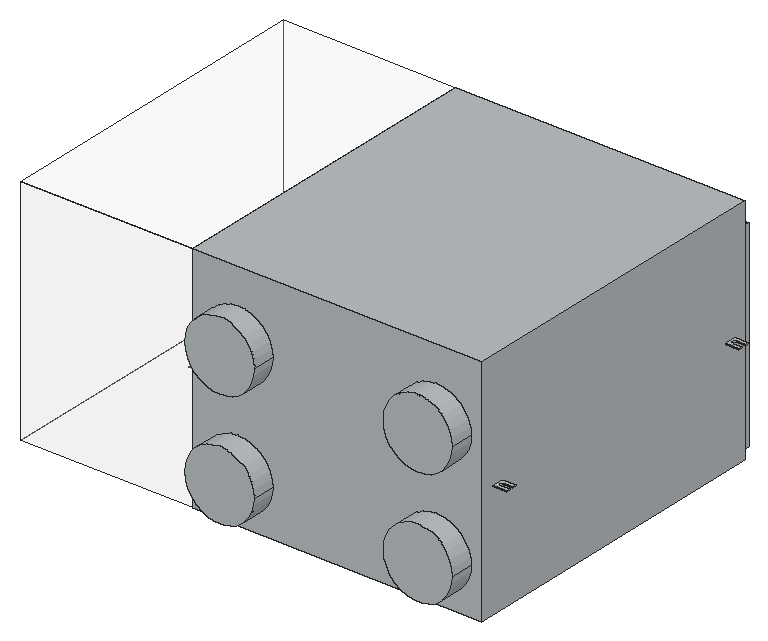
Revit family "lgh-n150_200rx4d_60Hz", category 機械設備, Revit 2019
Family settings
  丸型コネクタ寸法 = 直径を使用
  パーツ タイプ = 標準
  OmniClass 番号 = 23.75.10.34.21
  OmniClass タイトル = Heat Exchangers for Ventilation Air
  作業面ベース = いいえ
  常に垂直 = はい
  ロード時にボイドで切り取り = いいえ
  共有 = いいえ
  部屋計算ポイント = はい
Parameters (values of type "LGH-N150RX4D")
  騒音レベル(dB(A)) = 55
  風量 = 1500.0 m³/h
  面風速 = 8.5 m/s
  電源種別 [instance] = "一般"
  電圧 = 200 V
  電動機出力 = 0 W
  集中コントローラ = ""
  運転質量 = 0.00 kg
  連動 [instance] = ""
  質量 = if(製品質量 > 運転質量, 製品質量, 運転質量) * 1.2  # 144.00 kg
  負荷分類 = 3_ファン類
  説明 = "業務用ロスナイ 天井埋込形"
  設計風量 = 0.0 m³/h
  設置方法 = "天井吊(隠ぺい)形"
  記号 [instance] = ""
  製造元 = "MITSIBISHI ELECTRIC"
  製品質量 = 120.00 kg
  製品出荷対象 = "国内"
  製品リリース年月 = "2023/5/15"
  製品グループ = ""
  系統 [instance] = ""
  符号 = "HEU"
  積算_科目 = "1 空気調和設備"
  積算_拾い区分 [instance] = ""
  相 = 1
  盤記号 [instance] = ""
  発停方法 [instance] = ""
  特殊仕様 [instance] = ""
  点検口高さ = -Height  # -808 mm
  点検口離隔 = 150 mm
  点検口_Depth = 450 mm
  点検口 = yes
  火災停止 [instance] = ""
  温度交換効率 = 74.00%
  消費電力 = 1070 W
  法定耐用年数 = "15"
  機外静圧_排気 = 270.0 Pa
  機外静圧 = 270.0 Pa
  極数 = 3
  材質 [instance] = ""
  本体マテリアル = 溶融亜鉛めっき鋼板
  操作・制御方式 = ""
  操作・制御スイッチ = ""
  排気量 = 0.0 m³/h
  形式 = "天井埋込ダクト形"
  幹線記号 [instance] = ""
  対象室 [instance] = ""
  実風量 = 0.0 m³/h
  始動方式 [instance] = "直入"
  天吊金具_径 = 15 mm
  天吊金具_幅 = 30 mm
  外気量 = 設計風量  # 0.0 m³/h
  呼称 = "全熱交換ユニット"
  周波数 = 60 Hz
  天吊金具ピッチ2 = 1010 mm
  天吊金具ピッチ1 = 1045 mm
  天吊金具_高さ = 404 mm
  参照している仕様書等のバージョン = ""
  初期抵抗 = 0.0 Pa
  分類コード = "50052504100070"
  分類グループ = ""
  価格 = 1065000
  企業コード = "108420"
  付属品_フィルター_還気 = ""
  付属品_フィルター = ""
  付属品 [instance] = ""
  仕様書バージョン = "Version1.0"
  モデル = "LGH-N150RX4D"
  メンテナンススペース = yes
  ダクト高 = 700 mm
  ダクト径 = 250 mm
  ダクト幅 = 270 mm
  コメント [instance] = ""
  Keynote = ""
  エンタルピ交換効率_暖房 = 76.00%
  エンタルピ交換効率_冷房 = 66.00%
  Assembly Code = ""
  Width = 1004 mm
  Version = ""
  Uniclass2015Version = "Systems v1.9"
  Uniclass2015Title = "Thermal wheels"
  Uniclass2015Code = "Pr_60_60_36_88"
  URL = "https://www.mitsubishielectric.co.jp/ldg/wink/qr/002/324468/"
  SpecificationReference = ""
  SpecificationDescription = ""
  SMAX風量 = 1500.0 m³/h
  SMAX静圧 = 270.0 Pa
  SAサイズ_D = 242 mm
  Revision = ""
  RAサイズ_D = 242 mm
  ProductInformation = ""
  OmniClassCode = "23-27 23 19 11"
  OAサイズ_W = 270 mm
  OAサイズ_D = 700 mm
  MIN風量 = 680.0 m³/h
  MIN静圧 = 48.0 Pa
  MID風量 = 1130.0 m³/h
  MID静圧 = 133.0 Pa
  MAX風量 = 1500.0 m³/h
  MAX静圧 = 235.0 Pa
  IfcTypeProduct = ""
  IfcProduct = ""
  IfcExportType = "ROTARYWHEEL"
  IfcExportAs = "IfcAirToAirHeatRecoveryType"
  Height = 808 mm
  EAサイズ_W = 270 mm
  EAサイズ_D = 700 mm
  Duct_Pitch = 690 mm
  Duct_Height = 242 mm
  Duct_Depth_SA_RA = 79 mm
  Duct_Depth_OA_EA = 44 mm
  Depth = 1144 mm
  Clearance Top = 0 mm
  Clearance Left = 600 mm
  Clearance Bottom = 0 mm
  Box_Width = 115 mm
  Box_Height = 262 mm
  Box_H = 125 mm
  Box_Depth = 172 mm
  Box_D = 144 mm
  Author = "MITSUBISHI ELECTRIC"
Types (2, lengths in mm): name | 騒音レベル(dB(A)) | 風量 | 面風速 | 質量 | 製品質量 | 温度交換効率 | 消費電力 | 機外静圧_排気 | 機外静圧 | 天吊金具ピッチ1 | 価格 | モデル | エンタルピ交換効率_暖房 | エンタルピ交換効率_冷房 | Width | URL | SMAX風量 | SMAX静圧 | MIN風量 | MIN静圧 | MID風量 | MID静圧 | MAX風量 | MAX静圧 | Duct_Pitch
  LGH-N150RX4D | 55 | 1500.0 m³/h | 8.5 m/s | 144.00 kg | 120.00 kg | 74.00% | 1070 W | 270.0 Pa | 270.0 Pa | 1045 | 1065000 | "LGH-N150RX4D" | 76.00% | 66.00% | 1004 | "https://www.mitsubishielectric.co.jp/ldg/wink/qr/002/324468/" | 1500.0 m³/h | 270.0 Pa | 680.0 m³/h | 48.0 Pa | 1130.0 m³/h | 133.0 Pa | 1500.0 m³/h | 235.0 Pa | 690
  LGH-N200RX4D | 55.5 | 2000.0 m³/h | 11.3 m/s | 158.40 kg | 132.00 kg | 73.00% | 1390 W | 205.0 Pa | 205.0 Pa | 1272 | 1210000 | "LGH-N200RX4D" | 75.00% | 65.00% | 1231 | "https://www.mitsubishielectric.co.jp/ldg/wink/qr/002/324471/" | 2000.0 m³/h | 205.0 Pa | 730.0 m³/h | 17.0 Pa | 1360.0 m³/h | 58.0 Pa | 2000.0 m³/h | 125.0 Pa | 917
Reference planes
  plane 1 "中心(正面/背面)": y = 0
  plane 2: z = 0
  plane 3 "中心(左/右)": x = 0
  plane 4: x = -502
  plane 5: x = 502
  plane 6: y = 572
  plane 7: y = -572
  plane 8: z = -808
  plane 9: z = -242
  plane 10: x = -345
  plane 11: x = 345
  plane 12: y = -651
  plane 13: y = 616
  plane 14: x = -581
  plane 15: x = 581
  plane 16: x = -1102
  plane 17: y = -428
  plane 18: y = -256
  plane 19: z = -125
  plane 20: z = -387
  plane 21: x = -617
  plane 22: x = -652
  plane 23: y = 225
  plane 24: x = -522.5
  plane 25: x = 522.5
  plane 26: y = 505
  plane 27: y = -505
  plane 28: y = -225
  plane 29: x = -552.5
  plane 30: y = 525
  plane 31: y = 485
  plane 32: y = -485
  plane 33: y = -525
  plane 34: z = -5
  plane 35: z = -404
  plane 36: z = -407
  plane 37: x = 552.5
  plane 38: z = -404
  plane 39: x = 480
  plane 40: x = 210
  plane 41: x = -480
  plane 42: x = -210
  plane 43: z = -94
  plane 44: z = -794
  plane 45: z = -94
  plane 46: z = -794
  plane 47: z = -646
  plane 48: z = -529
  plane 49: z = -791
  plane 50: z = -444
  plane 51: z = 0
  plane 52: z = -808
Forms (mm)
  Extrusion 1, solid, material "溶融亜鉛めっき鋼板" <- "本体マテリアル", detail levels fine
    sketch origin (0, 0, 0) x (1, 0, 0) y (0, 1, 0)
      loop
        line (-502, 572) -> (-502, -572) -> (502, -572) -> (502, 572) -> (-502, 572)
    from 0 to -808
  Extrusion 2, solid, material "溶融亜鉛めっき鋼板" <- "本体マテリアル", detail levels fine
    sketch origin (502, -572, 0) x (-1, 0, 0) y (0, 0, -1)
      loop
        circle (847, 242) r 121
    from 0 to 79
  Extrusion 3, solid, material "溶融亜鉛めっき鋼板" <- "本体マテリアル", detail levels fine
    sketch origin (510, -445, 0) x (-1, 0, 0) y (0, 0, -1)
      loop
        circle (165, 242) r 121
    from 127 to 206
  Extrusion 4, solid, material "溶融亜鉛めっき鋼板" <- "本体マテリアル", detail levels fine
    sketch origin (-502, -572, 0) x (0, 1, 0) y (0, 0, -1)
      loop
        line (316, 125) -> (316, 387) -> (144, 387) -> (144, 125) -> (316, 125)
      loop
        line (316, 529) -> (316, 791) -> (144, 791) -> (144, 529) -> (316, 529)
    from 0 to 115
  Extrusion 5, solid, material "溶融亜鉛めっき鋼板" <- "本体マテリアル", detail levels fine
    sketch origin (0, 0, 0) x (1, 0, 0) y (0, 1, 0)
      loop
        line (-552.5, 525) -> (-552.5, 512.5) -> (-522.5, 512.5)
        arc (-522.5, 512.5) -> (-515, 505) -> (-522.5, 497.5) r 7.5
        line (-522.5, 497.5) -> (-552.5, 497.5) -> (-552.5, 485) -> (-502, 485) -> (-502, 525) -> (-552.5, 525)
    from -404 to -407
  Extrusion 6, solid, material "溶融亜鉛めっき鋼板" <- "本体マテリアル", detail levels fine
    sketch origin (0, 0, 0) x (1, 0, 0) y (0, 1, 0)
      loop
        line (-552.5, -525) -> (-502, -525) -> (-502, -485) -> (-552.5, -485) -> (-552.5, -497.5) -> (-522.5, -497.5)
        arc (-522.5, -497.5) -> (-515, -505) -> (-522.5, -512.5) r 7.5
        line (-522.5, -512.5) -> (-552.5, -512.5) -> (-552.5, -525)
    from -404 to -407
  Extrusion 7, solid, material "溶融亜鉛めっき鋼板" <- "本体マテリアル", detail levels fine
    sketch origin (0, 0, 0) x (-1, 0, 0) y (0, -1, 0)
      loop
        line (-552.5, 525) -> (-552.5, 512.5) -> (-522.5, 512.5)
        arc (-522.5, 512.5) -> (-515, 505) -> (-522.5, 497.5) r 7.5
        line (-522.5, 497.5) -> (-552.5, 497.5) -> (-552.5, 485) -> (-502, 485) -> (-502, 525) -> (-552.5, 525)
    from -404 to -407
  Extrusion 8, solid, material "溶融亜鉛めっき鋼板" <- "本体マテリアル", detail levels fine
    sketch origin (0, 0, 0) x (-1, 0, 0) y (0, -1, 0)
      loop
        line (-552.5, -525) -> (-502, -525) -> (-502, -485) -> (-552.5, -485) -> (-552.5, -497.5) -> (-522.5, -497.5)
        arc (-522.5, -497.5) -> (-515, -505) -> (-522.5, -512.5) r 7.5
        line (-522.5, -512.5) -> (-552.5, -512.5) -> (-552.5, -525)
    from -404 to -407
  Extrusion 9, solid, material "溶融亜鉛めっき鋼板" <- "本体マテリアル", detail levels fine
    sketch origin (0, 0, 0) x (1, 0, 0) y (0, 0, 1)
      loop
        circle (-345, -646) r 121
    from 572 to 651
  Extrusion 10, solid, material "溶融亜鉛めっき鋼板" <- "本体マテリアル", detail levels fine
    sketch origin (0, 0, 0) x (1, 0, 0) y (0, 0, 1)
      loop
        circle (345, -646) r 121
    from 572 to 651
  Extrusion 11, solid, material "溶融亜鉛めっき鋼板" <- "本体マテリアル", detail levels fine
    sketch origin (0, 0, 0) x (1, 0, 0) y (0, 0, 1)
      loop
        line (480, -794) -> (480, -94) -> (210, -94) -> (210, -794) -> (480, -794)
    from -616 to -572
  Extrusion 12, solid, material "溶融亜鉛めっき鋼板" <- "本体マテリアル", detail levels fine
    sketch origin (0, 0, 0) x (1, 0, 0) y (0, 0, 1)
      loop
        line (-480, -794) -> (-210, -794) -> (-210, -94) -> (-480, -94) -> (-480, -794)
    from -616 to -572
Lines and regions (mm)
  Masking region 1, detail levels coarse+medium
    outline origin (1326.5, 29, 0) x (1, 0, 0) y (0, 1, 0)
      loop
        line (-1828.5, 543) -> (-1828.5, -601) -> (-824.5, -601) -> (-824.5, 543) -> (-1828.5, 543)
  symbolic lines, detail levels coarse+medium
    curve 1: line (0, 572, 0) -> (-502, 0, 0)
    curve 2: line (-502, 0, 0) -> (0, -572, 0)
    curve 3: line (0, -572, 0) -> (502, 0, 0)
    curve 4: line (502, 0, 0) -> (0, 572, 0)
Dimensions and locks
  equal spacing: plane 4, plane 3 "中心(左/右)", plane 5
  "Width": plane 4 to plane 5
  equal spacing: plane 6, plane 1 "中心(正面/背面)", plane 7
  "Depth": plane 6 to plane 7
  "Height": level to plane 8
  "Duct_Height": level to plane 9
  equal spacing: plane 11, plane 3 "中心(左/右)", plane 10
  "Duct_Pitch": plane 11 to plane 10
  "Duct_Depth_OA_EA": plane 13 to plane 6
  "Duct_Depth_SA_RA": plane 7 to plane 12
  "Duct_Depth_SA_RA": plane 5 to plane 15
  "Duct_Depth_SA_RA": plane 14 to plane 4
  "Clearance Left": plane 16 to plane 4
  "Box_H": level to plane 19
  "Box_Height": plane 19 to plane 20
  "Box_D": plane 17 to plane 7
  "Box_Depth": plane 18 to plane 17
  "Box_Width": plane 21 to plane 4
  "点検口離隔": plane 22 to plane 4
  equal spacing: plane 24, plane 3 "中心(左/右)", plane 25
  "天吊金具ピッチ1": plane 24 to plane 25
  equal spacing: plane 26, plane 1 "中心(正面/背面)", plane 27
  "天吊金具ピッチ2": plane 26 to plane 27
  equal spacing: plane 23, plane 1 "中心(正面/背面)", plane 28
  "点検口_Depth": plane 23 to plane 28
  equal spacing: plane 30, plane 26, plane 31
  locked: plane 30 to plane 31 at 40
  "天吊金具_幅": plane 29 to plane 24
  "天吊金具_高さ": level to plane 35
  locked: plane 35 to plane 36 at 3
  equal spacing: plane 32, plane 27, plane 33
  locked: plane 32 to plane 33 at 40
  "天吊金具_幅": plane 25 to plane 37
  equal spacing: plane 8, plane 38, level
  equal spacing: plane 40, plane 11, plane 39
  "EAサイズ_W": plane 40 to plane 39
  equal spacing: plane 42, plane 10, plane 41
  "OAサイズ_W": plane 42 to plane 41
  "EAサイズ_D": plane 44 to plane 43
  "OAサイズ_D": plane 46 to plane 45
  "Duct_Height": plane 38 to plane 47
  "Box_H": plane 38 to plane 48
  "Box_Height": plane 48 to plane 49
  locked: plane 50 to plane 38 at 40
  equal spacing: plane 44, plane 50, plane 43
  equal spacing: plane 46, plane 50, plane 45
  "Clearance Top": plane 51 to level
  "Clearance Bottom": plane 8 to plane 52
  "RAサイズ_D": diameter of Extrusion 3 sketch curve
  "SAサイズ_D": diameter of Extrusion 9 sketch curve
  "RAサイズ_D": diameter of Extrusion 10 sketch curve
  "SAサイズ_D": diameter of Extrusion 2 sketch curve
  "天吊金具_径": diameter of Extrusion 6 sketch curve
  "天吊金具_径": diameter of Extrusion 7 sketch curve
  "天吊金具_径": diameter of Extrusion 8 sketch curve
  "天吊金具_径": diameter of Extrusion 5 sketch curve
  aligned and locked: level to plane 2
  aligned and locked: Extrusion 1 to plane 8
  aligned and locked: Extrusion 2 to plane 12
  aligned and locked: plane 7 to Extrusion 2
  aligned and locked: plane 7 to Extrusion 3
  aligned and locked: Extrusion 3 to plane 12
  aligned and locked: plane 16 to nested 1
  aligned and locked: plane 4 to nested 1
  aligned and locked: nested 1 to plane 6
  aligned and locked: nested 1 to plane 7
  aligned and locked: Extrusion 4 to plane 21
  aligned and locked: plane 4 to Extrusion 4
  aligned and locked: Masking region 1 to plane 4
  aligned and locked: plane 5 to Masking region 1
  aligned and locked: plane 6 to Masking region 1
  aligned and locked: Masking region 1 to plane 7
  aligned and locked: plane 25 to nested 2
  aligned and locked: plane 24 to nested 2
  aligned and locked: nested 2 to plane 27
  aligned and locked: plane 26 to nested 2
  aligned and locked: Extrusion 4 to plane 18
  aligned and locked: Extrusion 4 to plane 20
  aligned and locked: plane 19 to Extrusion 4
  aligned and locked: plane 17 to Extrusion 4
  aligned and locked: plane 22 to nested 3
  aligned and locked: plane 16 to nested 3
  aligned and locked: plane 23 to nested 3
  aligned and locked: nested 3 to plane 28
  aligned and locked: plane 29 to Extrusion 5 sketch curve  (x2)
  aligned and locked: Extrusion 5 sketch curve to plane 4
  aligned and locked: plane 31 to Extrusion 5 sketch curve
  aligned and locked: Extrusion 5 sketch curve to plane 30
  aligned and locked: Extrusion 5 to plane 35
  aligned and locked: Extrusion 5 to plane 36
  aligned and locked: Extrusion 6 sketch curve to plane 29  (x2)
  aligned and locked: plane 32 to Extrusion 6 sketch curve
  aligned and locked: Extrusion 6 sketch curve to plane 33
  aligned and locked: plane 4 to Extrusion 6 sketch curve
  aligned and locked: plane 35 to Extrusion 6
  aligned and locked: Extrusion 6 to plane 36
  aligned and locked: plane 37 to Extrusion 7 sketch curve  (x2)
  aligned and locked: Extrusion 7 sketch curve to plane 32
  aligned and locked: plane 33 to Extrusion 7 sketch curve
  aligned and locked: plane 5 to Extrusion 7 sketch curve
  aligned and locked: Extrusion 7 to plane 36
  aligned and locked: plane 35 to Extrusion 7
  aligned and locked: Extrusion 8 sketch curve to plane 37  (x2)
  aligned and locked: Extrusion 8 sketch curve to plane 31
  aligned and locked: plane 30 to Extrusion 8 sketch curve
  aligned and locked: Extrusion 8 sketch curve to plane 5
  aligned and locked: plane 35 to Extrusion 8
  aligned and locked: Extrusion 8 to plane 36
  aligned and locked: Extrusion 9 to plane 12
  aligned and locked: plane 7 to Extrusion 9
  aligned and locked: Extrusion 10 to plane 12
  aligned and locked: plane 7 to Extrusion 10
  aligned and locked: plane 44 to Extrusion 11 sketch curve
  aligned and locked: plane 39 to Extrusion 11 sketch curve
  aligned and locked: Extrusion 11 sketch curve to plane 43
  aligned and locked: Extrusion 11 sketch curve to plane 40
  aligned and locked: Extrusion 12 sketch curve to plane 46
  aligned and locked: Extrusion 12 sketch curve to plane 41
  aligned and locked: plane 45 to Extrusion 12 sketch curve
  aligned and locked: plane 42 to Extrusion 12 sketch curve
  aligned and locked: plane 13 to Extrusion 12
  aligned and locked: Extrusion 12 to plane 6
  aligned and locked: plane 13 to Extrusion 11
  aligned and locked: Extrusion 11 to plane 6
  aligned and locked: Extrusion 4 sketch curve to plane 48
  aligned and locked: plane 18 to Extrusion 4 sketch curve
  aligned and locked: plane 49 to Extrusion 4 sketch curve
  aligned and locked: Extrusion 4 sketch curve to plane 17
  aligned and locked: plane 52 to nested 1
  aligned and locked: plane 51 to nested 1
Automatic sketch dimensions
  plane 1 "中心(正面/背面)" to curve 1 = 0 mm
  curve 1 to plane 4 = 0 mm
  curve 2 to plane 3 "中心(左/右)" = 0 mm
  curve 4 to plane 3 "中心(左/右)" = 0 mm
  plane 1 "中心(正面/背面)" to curve 4 = 0 mm
  curve 4 to plane 5 = 0 mm
  curve 2 to plane 7 = 0 mm
  curve 4 to plane 6 = 0 mm
  Extrusion 1 sketch curve to plane 4 = 0 mm
  Extrusion 1 sketch curve to plane 5 = 0 mm
  Extrusion 1 sketch curve to plane 7 = 0 mm
  Extrusion 1 sketch curve to plane 6 = 0 mm
  Extrusion 3 sketch curve to plane 9 = 0 mm
  Extrusion 3 sketch curve to plane 11 = 0 mm
  Masking region 1 sketch curve to plane 4 = 0 mm
  Masking region 1 sketch curve to plane 5 = 0 mm
  Masking region 1 sketch curve to plane 7 = 0 mm
  Masking region 1 sketch curve to plane 6 = 0 mm
  Extrusion 9 sketch curve to plane 10 = 0 mm
  Extrusion 9 sketch curve to plane 47 = 0 mm
  Extrusion 10 sketch curve to plane 11 = 0 mm
  Extrusion 10 sketch curve to plane 47 = 0 mm
  Extrusion 5 sketch curve to plane 24 = 0 mm
  Extrusion 5 sketch curve to plane 26 = 0 mm
  Extrusion 6 sketch curve to plane 24 = 0 mm
  Extrusion 6 sketch curve to plane 27 = 0 mm
  Extrusion 7 sketch curve to plane 25 = 0 mm
  Extrusion 7 sketch curve to plane 27 = 0 mm
  Extrusion 8 sketch curve to plane 25 = 0 mm
  Extrusion 8 sketch curve to plane 26 = 0 mm
  Extrusion 1 to Extrusion 2 sketch curve = 157 mm
  Extrusion 1 to Extrusion 2 sketch curve = 242 mm
  Extrusion 4 sketch curve to Extrusion 1 = 144 mm
  Extrusion 4 sketch curve to Extrusion 4 sketch curve = 172 mm
  Extrusion 4 sketch curve to Extrusion 4 sketch curve = 142 mm
  Extrusion 1 to Extrusion 4 sketch curve = 125 mm
Nested families
  nested 1: "メンテナンススペース" at (-802, 0, -404), visible <- "メンテナンススペース", type "メンテナンススペース"
    with Width 600 mm, Height 808 mm, Depth 1144 mm
  nested 2: "固定点" at (-522.5, -505, 0), type "固定点"
    with W 1045 mm, D 1010 mm
  nested 3: "点検口設置範囲" at (-877, 0, -808), built-in parameter 1001364 <- "点検口高さ", visible <- "点検口", type "点検口設置範囲"
    with Width 450 mm, Depth 450 mm
Connectors
  hvac at (-345, -651, -242), driven by "ダクト径", driven by "機外静圧", driven by "風量"
    settings: on Extrusion 2, index 1, duct flow 1500.0 m³/h, flow factor 0, pres drop 270.0 Pa, loss coef 0, conn angle 0.00°, conn width 304.8 mm, conn height 304.8 mm, conn diameter 250 mm, duct sys type 1, conn prof type 0, flow config 0, flow direction 2, loss method 4, conn ref index -1, conn util no, is conn primary yes, conn desc ""
  hvac at (345, -651, -242), driven by "ダクト径", driven by "機外静圧", driven by "風量"
    settings: on Extrusion 3, index 2, duct flow 1500.0 m³/h, flow factor 0, pres drop 270.0 Pa, loss coef 0, conn angle 0.00°, conn width 304.8 mm, conn height 304.8 mm, conn diameter 250 mm, duct sys type 2, conn prof type 0, flow config 0, flow direction 1, loss method 4, conn ref index -1, conn util no, is conn primary no, conn desc ""
  electrical at (-559.5, -428, -256), driven by "負荷分類", driven by "極数", driven by "電圧", driven by "消費電力"
    settings: on Extrusion 4, index 7, voltage 200 V, apparent load 1070 VA, apparent load phase1 0 VA, apparent load phase2 0 VA, apparent load phase3 0 VA, power factor 1, load classification "3_ファン類", number of poles 3, system type 30, power factor state 1, is connector primary yes, connector utility no, sub classification motor no, connector description ""
  hvac at (-345, -651, -646), driven by "ダクト径", driven by "機外静圧", driven by "風量"
    settings: on Extrusion 9, index 8, duct flow 1500.0 m³/h, flow factor 0, pres drop 270.0 Pa, loss coef 0, conn angle 0.00°, conn width 304.8 mm, conn height 304.8 mm, conn diameter 250 mm, duct sys type 1, conn prof type 0, flow config 0, flow direction 2, loss method 4, conn ref index -1, conn util no, is conn primary no, conn desc ""
  hvac at (345, -651, -646), driven by "ダクト径", driven by "機外静圧", driven by "風量"
    settings: on Extrusion 10, index 9, duct flow 1500.0 m³/h, flow factor 0, pres drop 270.0 Pa, loss coef 0, conn angle 0.00°, conn width 304.8 mm, conn height 304.8 mm, conn diameter 250 mm, duct sys type 2, conn prof type 0, flow config 0, flow direction 1, loss method 4, conn ref index -1, conn util no, is conn primary no, conn desc ""
  hvac at (345, 616, -444), driven by "ダクト高", driven by "ダクト幅", driven by "機外静圧_排気", driven by "排気量"
    settings: on Extrusion 11, index 10, duct flow 0.0 m³/h, flow factor 0, pres drop 270.0 Pa, loss coef 0, conn angle 0.00°, conn width 270 mm, conn height 700 mm, conn diameter 609.6 mm, duct sys type 3, conn prof type 1, flow config 0, flow direction 2, loss method 4, conn ref index -1, conn util no, is conn primary no, conn desc ""
  hvac at (-345, 616, -444), driven by "ダクト幅", driven by "ダクト高", driven by "機外静圧", driven by "風量"
    settings: on Extrusion 12, index 11, duct flow 1500.0 m³/h, flow factor 0, pres drop 270.0 Pa, loss coef 0, conn angle 0.00°, conn width 270 mm, conn height 700 mm, conn diameter 609.6 mm, duct sys type 4, conn prof type 1, flow config 0, flow direction 1, loss method 4, conn ref index -1, conn util no, is conn primary no, conn desc ""
Definition of nested family "メンテナンススペース"
  Parameters (values of type "メンテナンススペース")
    Width [instance] = 500 mm
    Height [instance] = 500 mm
    Depth [instance] = 500 mm
  Reference planes
    plane 1 "中心(正面/背面)": y = 0
    plane 2: z = 0
    plane 3 "中心(左/右)": x = 0
    plane 4: y = -250
    plane 5: x = 250
    plane 6: y = 250
    plane 7: x = -250
    plane 8: z = 250
    plane 9: z = -250
  Forms (mm)
    Extrusion 1, solid
      sketch origin (-638.939, 0, 72.39) x (1, 0, 0) y (0, 1, 0)
        loop
          line (388.939, 250) -> (388.939, -250) -> (888.939, -250) -> (888.939, 250) -> (388.939, 250)
      from -322.39 to 177.61
  Lines and regions (mm)
    symbolic lines
      curve 1: line (-250, 0, 250) -> (250, 0, 250)
      curve 2: line (-250, 0, -250) -> (-250, 0, 250)
      curve 3: line (250, 0, -250) -> (-250, 0, -250)
      curve 4: line (250, 0, 250) -> (250, 0, -250)
      curve 5: line (0, -250, 250) -> (0, 250, 250)
      curve 6: line (0, -250, -250) -> (0, -250, 250)
      curve 7: line (0, 250, -250) -> (0, -250, -250)
      curve 8: line (0, 250, 250) -> (0, 250, -250)
      curve 9: line (-250, 250, 0) -> (250, 250, 0)
      curve 10: line (-250, -250, 0) -> (-250, 250, 0)
      curve 11: line (250, -250, 0) -> (-250, -250, 0)
      curve 12: line (250, 250, 0) -> (250, -250, 0)
  Dimensions and locks
    equal spacing: plane 7, plane 3 "中心(左/右)", plane 5
    equal spacing: plane 4, plane 1 "中心(正面/背面)", plane 6
    "Depth": plane 4 to plane 6
    "Width": plane 7 to plane 5
    equal spacing: plane 8, plane 2, plane 9
    "Height": plane 8 to plane 9
    aligned and locked: plane 9 to curve 3
    aligned and locked: plane 7 to curve 2
    aligned and locked: curve 4 to plane 5
    aligned and locked: plane 5 to Extrusion 1
    aligned and locked: Extrusion 1 to plane 7
    aligned and locked: Extrusion 1 to plane 9
    aligned and locked: plane 8 to Extrusion 1
    aligned and locked: plane 9 to curve 7
  Automatic sketch dimensions
    plane 4 to Extrusion 1 sketch curve = 0 mm
    Extrusion 1 sketch curve to plane 7 = 0 mm
    Extrusion 1 sketch curve to plane 5 = 0 mm
    plane 6 to Extrusion 1 sketch curve = 0 mm
    curve 2 to plane 8 = 0 mm
    plane 4 to curve 11 = 0 mm
    curve 11 to plane 7 = 0 mm
    curve 11 to plane 5 = 0 mm
    plane 6 to curve 10 = 0 mm
    curve 7 to plane 4 = 0 mm
    curve 7 to plane 6 = 0 mm
    curve 6 to plane 8 = 0 mm
Definition of nested family "固定点"
  Parameters (values of type "固定点")
    中心円 = 20 mm
    W [instance] = 1000 mm
    D [instance] = 1000 mm
  Reference planes
    plane 1 "中心(正面/背面)": y = 0
    plane 2: z = 0
    plane 3 "中心(左/右)": x = 0
    plane 4: x = 1000
    plane 5: y = 1000
  Lines and regions (mm)
    symbolic lines, detail levels fine
      curve 1: circle (0, 1000, 0) r 10 normal (0, 0, 1)
      curve 2: circle (0, 0, 0) r 10 normal (0, 0, 1)
      curve 3: circle (1000, 1000, 0) r 10 normal (0, 0, 1)
      curve 4: circle (1000, 0, 0) r 10 normal (0, 0, 1)
      curve 5: line (-200, 1000, 0) -> (1200, 1000, 0)
      curve 6: line (-200, 0, 0) -> (1200, 0, 0)
      curve 7: line (0, 1200, 0) -> (0, -200, 0)
      curve 8: line (1000, 1200, 0) -> (1000, -200, 0)
  Dimensions and locks
    "W": plane 3 "中心(左/右)" to plane 4
    "D": plane 1 "中心(正面/背面)" to plane 5
    "中心円": diameter of curve 1
    "中心円": diameter of curve 2
    "中心円": diameter of curve 3
    "中心円": diameter of curve 4
    aligned and locked: level to plane 2
    aligned and locked: plane 5 to curve 1
    aligned and locked: plane 3 "中心(左/右)" to curve 1
    aligned and locked: plane 3 "中心(左/右)" to curve 2
    aligned and locked: plane 1 "中心(正面/背面)" to curve 2
    aligned and locked: plane 4 to curve 3
    aligned and locked: plane 5 to curve 3
    aligned and locked: plane 1 "中心(正面/背面)" to curve 4
    aligned and locked: plane 4 to curve 4
    aligned and locked: plane 1 "中心(正面/背面)" to curve 6
    aligned and locked: curve 7 to plane 3 "中心(左/右)"
    aligned and locked: curve 8 to plane 4
  Automatic sketch dimensions
    curve 5 to plane 5 = 0 mm
    curve 6 to plane 3 "中心(左/右)" = 200 mm
    curve 5 to plane 3 "中心(左/右)" = 200 mm
    curve 4 to curve 6 = 200 mm
    curve 3 to curve 5 = 200 mm
    plane 1 "中心(正面/背面)" to curve 8 = 200 mm
    plane 1 "中心(正面/背面)" to curve 7 = 200 mm
    curve 3 to curve 8 = 200 mm
    curve 1 to curve 7 = 200 mm
Definition of nested family "点検口設置範囲"
  Parameters (values of type "点検口設置範囲")
    Width [instance] = 1000 mm
    Depth [instance] = 700 mm
  Reference planes
    plane 1 "中心(正面/背面)": y = 0
    plane 2: z = 0
    plane 3 "中心(左/右)": x = 0
    plane 4: x = -500
    plane 5: x = 500
    plane 6: y = -350
    plane 7: y = 350
  Lines and regions (mm)
    model lines
      curve 1: line (-500, 350, 0) -> (500, 350, 0)
      curve 2: line (-500, -350, 0) -> (-500, 350, 0)
      curve 3: line (500, -350, 0) -> (-500, -350, 0)
      curve 4: line (500, 350, 0) -> (500, -350, 0)
  Dimensions and locks
    "Depth": plane 7 to plane 6
    "Width": plane 4 to plane 5
    equal spacing: plane 7, plane 1 "中心(正面/背面)", plane 6
    equal spacing: plane 4, plane 3 "中心(左/右)", plane 5
    aligned and locked: level to plane 2
    aligned and locked: plane 4 to curve 2
    aligned and locked: curve 1 to plane 7
    aligned and locked: curve 4 to plane 5
    aligned and locked: plane 6 to curve 3
